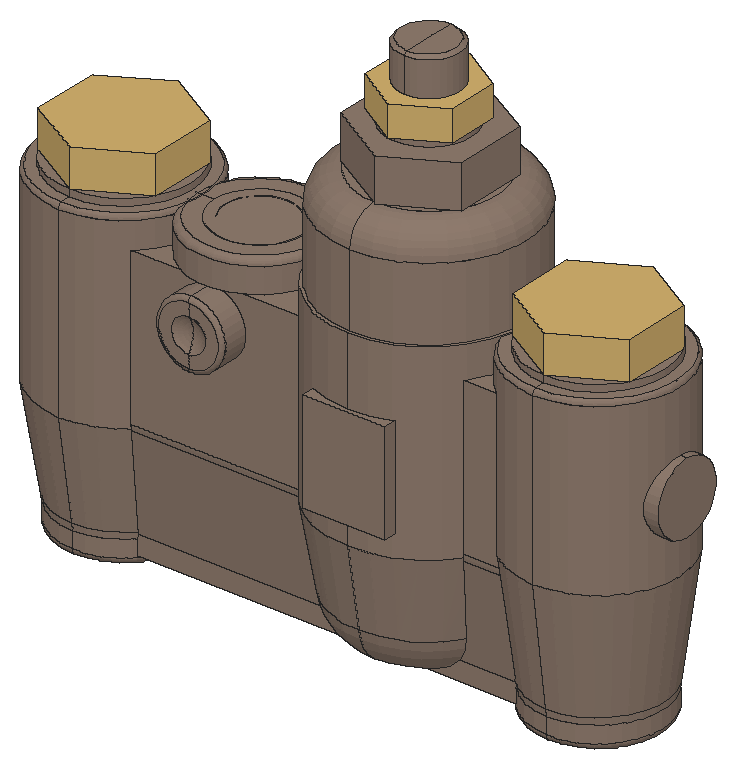
Revit family "Mixing_Valve-Emergency-Bradley_Corp-EFX25-S19-2100", category Pipe Accessories, Revit 2012
Parameters (values of type "EFX25")
  Znpt Radius = Znpt / 2  # 3/8"
  Znpt = 3/4"
  Ynpt Radius = Ynpt / 2  # 1/2"
  Ynpt = 1"
  Xnpt Radius = Xnpt / 2  # 3/8"
  Xnpt = 3/4"
  Width = G  # 3.125"
  Warranty Information = "n/a"
  Visibility Outlet [instance] = and(Valve Visibility, P Option Inlet & Outlet Shutoffs)  # no
  Visibility Inlet [instance] = and(Valve Visibility, P Option Inlet & Outlet Shutoffs)  # no
  Version = "2.0"
  Valve Visibility [instance] = or(not(Cabinet Visibility), or(not(Door Visibility), and(Cabinet Visibility, Plexiglass Window Visibility)))  # yes
  Valve Material = Metal - Bradley Corp - Bronze
  URL = "http://www.bradleycorp.com/"
  Tempered Water Flow [instance] = 0 GPM
  Temperature Range = "Std. 65˚ (18˚C) to 95˚F (35˚C)"
  Temperature Notes = "\"Refer to Bradley Technical Data for other temperature ranges\""
  Technical Data = "n/a"
  Stainless Steel Cabinet Door [instance] = and(Door Visibility, and(Cabinet Visibility, not(Plexiglass Window in Door)))  # no
  Specifications URL = "http://www.bradleycorp.com/3partspec"
  Shutoffs Top to Bottom = 20.000"
  Set Point Notes = "\"Refer to Bradley Technical Data for other set points\""
  Set Point = "85˚F (29˚C)"
  Return Flow [instance] = 0 GPM
  Recessed Cabinet [instance] = no
  Product Tech Data URL - Spanish = ""
  Product Tech Data URL - French = ""
  Product Tech Data URL - English = "http://bradleycorp.com/download/979/5900.pdf"
  Pressure Drop [instance] = 45.00 psi
  Plexiglass Window in Door [instance] = no
  Plexiglass Window Visibility [instance] = and(Door Visibility, and(Cabinet Visibility, Plexiglass Window in Door))  # no
  Percentage of Recycled Content = 0
  P Option Inlet & Outlet Shutoffs [instance] = no
  Outlet Length [instance] = if(P Option Inlet & Outlet Shutoffs, 9.937", if(N Option Outlet Shutoff Only, 6.250", 1.000"))  # 1.000"
  Origin Placement [instance] = if(Recessed Cabinet, Cabinet Depth - 0.125", 0.000")  # 0.000"
  OmniClass Title = "Mixing Valves for Liquid Services"
  OmniClass Code = "23.65.55.14.24"
  Nut Material = Metal - Bradley Corp - Light Bronze
  N Option Outlet Shutoff Only [instance] = no
  Modeling Code = ""
  Model = "S19-2100"
  Minimum Flow = 2 GPM
  Maximum Operating Pressure = 125.00 psi
  Maximum Inlet Temperature = "180˚F (82˚C)"
  Material Note = "n/a"
  Material = "Brass"
  MasterFormat Title = "Emergency Fixture Water-Tempering Equipment"
  MasterFormat Number = "22 45 36"
  Manufacturer = "Bradley Corporation"
  Length = H  # 9.250"
  LEED Credit = ""
  Inlet Length [instance] = if(P Option Inlet & Outlet Shutoffs, 7.313", if(N Option Outlet Shutoff Only, 3.875", 1.000"))  # 1.000"
  Industry Standards = "ANSI Z358.1-2004"
  Height = E  # 8.000"
  H = 9.250"
  G = 3.125"
  Flow Capacity [instance] = 44 GPM
  Flange Width = (Cabinet Flange Height - Cabinet Height) / 2  # 1.000"
  Fire Rating = "n/a"
  Finish [instance] = if(Chrome Plated, "Chrome Plated", "")  # ""
  F = 14.000"
  E = 8.000"
  Door Flange Depth = 0.125"
  Door Visibility [instance] = yes
  Domestic Hot In [instance] = Tempered Water Flow / 2  # 0 GPM
  Domestic Cold In [instance] = Tempered Water Flow / 2  # 0 GPM
  Dial Thermometer Visibility [instance] = and(Dial Thermometer, Valve Visibility)  # no
  Dial Thermometer [instance] = no
  Description = "Emergency Fixture Thermostatic Mixing Valve (EFX25) with Optional Cabinet"
  D = 4.750"
  Copyright = "This Model Data is Property of Bradley Corporation"
  Chrome Plated [instance] = no
  Outlet Center to Piston = 2.500"
  Outlet Center to Cabinet Back = 2.250"
  Left Inlet Center to Left of Box = 7.625"
  Center Inlets to Edge = (H - A - 0.375") / 2  # 0.9375"
  Cabinet Window Material = Plastic - Bradley Corp - Plexi-glass
  Cabinet Width = 24.000"
  Cabinet Visibility [instance] = or(Cabinet, Recessed Cabinet)  # no
  Cabinet Material = Metal - Bradley Corp - Stainless Steel
  Cabinet Height = 24.000"
  Cabinet Flange Width = 26.000"
  Cabinet Flange Height = 26.000"
  Cabinet Depth = 6.500"
  Cabinet [instance] = no
  C = 3.250"
  Box Depth = Cabinet Depth - Door Flange Depth  # 6.375"
  Bottom Valve to Bottom Shutoff Inlets = 6.313"
  B = 2.000"
  Assembly Code = "D2090800"
  ADA Compliant = no
  A = 7.000"
Reference planes (in)
  plane 1 "Center (Front/Back)": y = 0
  plane 2 "Top C": z = 2.09604
  plane 3 "Center (Left/Right)": x = 0
  plane 4 "Bottom C-D": z = -1.15396
  plane 5 "Top D": z = 3.59604
  plane 6 "Left A-B": x = -4.375
  plane 7 "Right B": x = -2.375
  plane 8 "Right A": x = 2.625
  plane 9 "Left H": x = -5.3125
  plane 10 "Right H": x = 3.9375
  plane 11 "Right edge": x = 3.5625
  plane 12 "Top Nuts": z = 4.25229
  plane 13 "Top valve": z = 6.84604
  plane 14 "Front G": y = -3.8125
  plane 15 "Center G": y = -2.25
  plane 16 "Center Piston": x = 0.125
  plane 17 "Left Cabinet": x = -12
  plane 18 "Top Cabinet": z = 14.53304
  plane 19 "Right Cabinet": x = 12
  plane 20 "Bottom Cabinet": z = -9.46696
  plane 21 "Left Flange": x = -13
  plane 22 "Bottom Flange": z = -10.46696
  plane 23 "Right Flange": x = 13
  plane 24 "Top Flange": z = 15.53304
  plane 25 "Front Cabinet": y = -6.5
  plane 26 "Front Cabinet inside": y = -6.375
  plane 27 "Back G": y = -0.6875
  plane 28 "Inlet extension": z = -1.15396
  plane 29 "Outlet extension": z = 3.59604
  plane 30 "Inlet base": z = -0.15396
  plane 31 "Outlet base": z = 2.59604
  plane 32 "Dial": z = 2.59604
  plane 33 "Inlets shutoff bottom": z = -7.46696
  plane 34 "Outlet shutoff top": z = 12.53304
  plane 35 "Handle front": y = -4.2125
  plane 36 "Dial front": y = -4.0625
  plane 37 "Cabinet back": y = 0
  plane 38: z = 3.12729
  plane 39: x = -11.875
  plane 40: z = -9.34196
  plane 41: z = 14.40804
  plane 42: x = 11.875
  plane 43: y = -3.555
  plane 44: y = -0.945
  plane 45: through (-1.875, -180, 2.59604) normal (-0.7071, 0, -0.7071)
Forms (in)
  Extrusion 1, solid, material "Metal - Bradley Corp - Stainless Steel" <- "Cabinet Material", visible <- "Recessed Cabinet", detail levels fine
    sketch origin (0, -6.5, 0) x (-1, 0, 0) y (0, 0, 1)
      loop
        line (13, 15.53304) -> (-13, 15.53304) -> (-13, -10.46696) -> (13, -10.46696) -> (13, 15.53304)
      loop
        line (12, 14.53304) -> (-12, 14.53304) -> (-12, -9.46696) -> (12, -9.46696) -> (12, 14.53304)
    from 0 to 0.125 <- "Door Flange Depth"
  Extrusion 2, solid, material "Metal - Bradley Corp - Stainless Steel" <- "Cabinet Material", visible <- "Cabinet Visibility", detail levels fine
    sketch origin (0, -6.375, 0) x (-1, 0, 0) y (0, 0, 1)
      loop
        line (12, 14.53304) -> (-12, 14.53304) -> (-12, -9.46696) -> (12, -9.46696) -> (12, 14.53304)
    from 0 to 6.375 <- "Box Depth"
  Extrusion 3, void
    sketch origin (0, -6.5, 0) x (-1, 0, 0) y (0, 0, 1)
      loop
        line (11.875, 14.40804) -> (-11.875, 14.40804) -> (-11.875, -9.34196) -> (11.875, -9.34196) -> (11.875, 14.40804)
    from 0 to 6.375 <- "Box Depth"
  Extrusion 4, solid, material "Metal - Bradley Corp - Stainless Steel" <- "Cabinet Material", visible <- "Stainless Steel Cabinet Door", detail levels fine
    sketch origin (0, -6.5, 0) x (-1, 0, 0) y (0, 0, 1)
      loop
        line (12, 14.53304) -> (-12, 14.53304) -> (-12, -9.46696) -> (12, -9.46696) -> (12, 14.53304)
    from 0 to 0.125 <- "Door Flange Depth"
  Extrusion 5, solid, material "Metal - Bradley Corp - Stainless Steel" <- "Cabinet Material", visible <- "Plexiglass Window Visibility", detail levels fine
    sketch origin (0, -6.5, 0) x (-1, 0, 0) y (0, 0, 1)
      loop
        line (12, 14.53304) -> (-12, 14.53304) -> (-12, -9.46696) -> (12, -9.46696) -> (12, 14.53304)
      loop
        circle (2.375, 2.59604) r 1.5
    from 0 to 0.125 <- "Door Flange Depth"
  Extrusion 6, solid, material "Plastic - Bradley Corp - Plexi-glass" <- "Cabinet Window Material", visible <- "Plexiglass Window Visibility", detail levels fine
    sketch origin (0, -6.5, 0) x (-1, 0, 0) y (0, 0, 1)
      loop
        circle (2.375, 2.59604) r 1.5
    from 0 to 0.125 <- "Door Flange Depth"
  Extrusion 7, solid, material "Metal - Bradley Corp - Bronze" <- "Valve Material", visible <- "Valve Visibility", detail levels fine
    sketch origin (-4.375, 0, 0) x (0, 0, 1) y (0, -1, 0)
      loop
        arc (0.82913, 3.1375) -> (0.78155, 3.13491) -> (0.73455, 3.12715) r 0.4375
        line (0.73455, 3.12715) -> (-0.76839, 2.8875) -> (-1.0522, 2.8875) -> (-1.0522, 1.6125) -> (-0.76839, 1.6125) -> (0.73455, 1.36904)
        arc (0.73455, 1.36904) -> (0.78172, 1.36414) -> (0.82913, 1.3625) r 0.6875
        line (0.82913, 1.3625) -> (3.12729, 1.3625) -> (3.12729, 3.1375) -> (0.82913, 3.1375)
    from 0 to 7 <- "A"
  Revolve 8, solid, material "Metal - Bradley Corp - Bronze" <- "Valve Material", visible <- "Valve Visibility", detail levels fine
    sketch origin (-4.375, 0, 0) x (0, 0, 1) y (0, -1, 0)
      loop
        arc (3.51604, 1.05) -> (3.56076, 1.06056) -> (3.59604, 1.09) r 0.1
        line (3.59604, 1.09) -> (3.59604, 1.25) -> (3.69604, 1.25) -> (3.69604, 2.25) -> (-1.06345, 2.25) -> (-1.06345, 1.6875) -> (-1.18396, 1.6875) -> (-1.18396, 1.4)
        arc (-1.18396, 1.4) -> (-1.15467, 1.32929) -> (-1.08396, 1.3) r 0.1
        line (-1.08396, 1.3) -> (-0.83579, 1.3)
        arc (-0.83579, 1.3) -> (-0.78393, 1.2973) -> (-0.73262, 1.28924) r 0.5
        line (-0.73262, 1.28924) -> (0.76604, 1.05) -> (3.51604, 1.05)
      axis (3.69604, 2.25) -> (-1.18396, 2.25)
    angle from 0 to 360
  Revolve 9, solid, material "Metal - Bradley Corp - Bronze" <- "Valve Material", visible <- "Valve Visibility", detail levels fine
    sketch origin (2.625, 0, 0) x (0, 0, 1) y (0, -1, 0)
      loop
        arc (3.51604, 1.05) -> (3.56076, 1.06056) -> (3.59604, 1.09) r 0.1
        line (3.59604, 1.09) -> (3.59604, 1.25) -> (3.69604, 1.25) -> (3.69604, 2.25) -> (-1.06345, 2.25) -> (-1.06345, 1.6875) -> (-1.18396, 1.6875) -> (-1.18396, 1.4)
        arc (-1.18396, 1.4) -> (-1.15467, 1.32929) -> (-1.08396, 1.3) r 0.1
        line (-1.08396, 1.3) -> (-0.83579, 1.3)
        arc (-0.83579, 1.3) -> (-0.78393, 1.2973) -> (-0.73262, 1.28924) r 0.5
        line (-0.73262, 1.28924) -> (1.01604, 1.05) -> (3.51604, 1.05)
      axis (3.69604, 2.25) -> (-1.18396, 2.25)
    angle from 0 to 360
  Revolve 10, solid, material "Metal - Bradley Corp - Bronze" <- "Valve Material", visible <- "Valve Visibility", detail levels fine
    sketch origin (0.125, 0, 0) x (0, 0, 1) y (0, -1, 0)
      loop
        line (3.59604, 0.8) -> (4.67039, 0.8)
        arc (4.67039, 0.8) -> (4.98217, 0.92914) -> (5.11131, 1.24092) r 0.44092
        line (5.11131, 1.24092) -> (5.11131, 1.8) -> (5.74565, 1.8) -> (5.74565, 1.625) -> (5.84565, 1.625) -> (5.84565, 1.8) -> (6.79565, 1.8) -> (6.84604, 1.85039) -> (6.84604, 2.25) -> (5.74565, 2.25) -> (-1.0522, 2.25) -> (-1.0522, 1.53944)
        arc (-1.0522, 1.53944) -> (-0.82989, 1.14546) -> (-0.42145, 0.95099) r 0.75
        line (-0.42145, 0.95099) -> (0.77565, 0.75) -> (3.59604, 0.75) -> (3.59604, 0.8)
      axis (6.84604, 2.25) -> (-1.0522, 2.25)
    angle from 0 to 360
  Extrusion 11, solid, material "Metal - Bradley Corp - Bronze" <- "Valve Material", visible <- "Valve Visibility", detail levels fine
    sketch origin (0, -3.8125, 0) x (-1, 0, 0) y (0, 0, 1)
      loop
        line (0.47873, 2.59604) -> (-0.72873, 2.59604) -> (-0.72873, 1.09604) -> (0.47873, 1.09604) -> (0.47873, 2.59604)
    from 0 to 3.125 <- "G"
  Revolve 12, solid, material "Metal - Bradley Corp - Bronze" <- "Valve Material", visible <- "Valve Visibility", detail levels fine
    sketch origin (-2.375, 0, 0) x (0, 0, 1) y (0, -1, 0)
      loop
        arc (2.15628, 3.555) -> (2.11369, 3.53735) -> (2.09604, 3.49475) r 0.06024
        line (2.09604, 3.49475) -> (2.09604, 1.00525)
        arc (2.09604, 1.00525) -> (2.11369, 0.96265) -> (2.15628, 0.945) r 0.06024
        line (2.15628, 0.945) -> (2.34604, 0.945)
        arc (2.34604, 0.945) -> (2.46433, 1.00691) -> (2.59604, 1.02873) r 0.42164
        line (2.59604, 1.02873) -> (2.59604, 3.47127)
        arc (2.59604, 3.47127) -> (2.46433, 3.49309) -> (2.34604, 3.555) r 0.42164
        line (2.34604, 3.555) -> (2.15628, 3.555)
      axis (2.59604, 3.555) -> (2.59604, 0.945)
    angle from 0 to 360
  Extrusion 13, solid, material "Metal - Bradley Corp - Light Bronze" <- "Nut Material", visible <- "Valve Visibility", detail levels fine
    sketch origin (0, 0, 4.25229) x (-1, 0, 0) y (0, -1, 0)
      loop
        line (3.50897, 1.75) -> (4.375, 1.25) -> (5.24103, 1.75) -> (5.24103, 2.75) -> (4.375, 3.25) -> (3.50897, 2.75) -> (3.50897, 1.75)
      loop
        line (-3.49103, 1.75) -> (-2.625, 1.25) -> (-1.75897, 1.75) -> (-1.75897, 2.75) -> (-2.625, 3.25) -> (-3.49103, 2.75) -> (-3.49103, 1.75)
    from 0 to -0.55625
  Revolve 14, solid, material "Metal - Bradley Corp - Bronze" <- "Valve Material", visible <- "Valve Visibility", detail levels fine
    sketch origin (0, -2.25, 0) x (-1, 0, 0) y (0, 0, 1)
      loop
        line (3.375, 3.12729) -> (3.375, 3.49987)
        arc (3.375, 3.49987) -> (3.34683, 3.56787) -> (3.27883, 3.59604) r 0.09617
        line (3.27883, 3.59604) -> (2.875, 3.59604) -> (2.875, 3.44882) -> (2.375, 3.44882) -> (2.375, 3.12729) -> (3.375, 3.12729)
      axis (2.375, 3.59604) -> (2.375, 3.12729)
    angle from 0 to 360
  Extrusion 15, solid, material "Plastic - Bradley Corp - White", visible <- "Dial Thermometer Visibility", detail levels fine
    sketch origin (0, -4.0625, 0) x (0, 0, 1) y (-1, 0, 0)
      loop
        circle (2.59604, 2.375) r 1.5
    from 0 to -0.25
  Extrusion 16, solid, material "Plastic - Bradley Corp - Black", visible <- "Dial Thermometer Visibility", detail levels fine
    sketch origin (0, -4.0625, 0) x (0, 0, 1) y (-1, 0, 0)
      loop
        arc (2.67153, 2.30942) -> (3.01495, 2.46775) -> (3.35475, 2.63371) r 16.9554
        arc (3.35475, 2.63371) -> (2.93937, 2.55665) -> (2.53046, 2.45049) r 5.98833
        arc (2.53046, 2.45049) -> (2.52533, 2.30429) -> (2.67153, 2.30942) r 0.1
    from 0 to 0.125
  Extrusion 17, solid, material "Metal - Bradley Corp - Light Bronze" <- "Nut Material", visible <- "Valve Visibility", detail levels fine
    sketch origin (0.125, -2.25, 5.84565) x (0, 1, 0) y (-1, 0, 0)
      loop
        line (0.375, -0.64952) -> (0.75, 0) -> (0.375, 0.64952) -> (-0.375, 0.64952) -> (-0.75, 0) -> (-0.375, -0.64952) -> (0.375, -0.64952)
    from 0 to 0.44802
  Extrusion 18, solid, material "Metal - Bradley Corp - Bronze" <- "Valve Material", visible <- "Valve Visibility", detail levels fine
    sketch origin (3.9375, 0, 0) x (0, 0, 1) y (0, -1, 0)
      loop
        circle (2.09604, 2.25) r 0.525
    from 0 to -0.84747
  Extrusion 19, solid, material "Metal - Bradley Corp - Bronze" <- "Valve Material", visible <- "Valve Visibility", detail levels fine
    sketch origin (0, 0, 2.59604) x (-1, 0, 0) y (0, -1, 0)
      loop
        circle (2.375, 2.25) r 0.6575
    from 0 to 1
  Extrusion 20, solid, material "Metal - Bradley Corp - Bronze" <- "Valve Material", visible <- "Valve Visibility", detail levels fine
    sketch origin (0, 0, -0.15396) x (-1, 0, 0) y (0, -1, 0)
      loop
        circle (4.375, 2.25) r 0.525
      loop
        circle (-2.625, 2.25) r 0.525
    from 0 to -1
  Extrusion 21, solid, material "Metal - Bradley Corp - Bronze", visible <- "Valve Visibility", detail levels fine
    sketch origin (0.125, -2.25, 5.11131) x (0, 1, 0) y (-1, 0, 0)
      loop
        line (1.0561, 0) -> (0.52805, 0.91461) -> (-0.48933, 0.91461) -> (-1.03674, -0.03353) -> (-0.52805, -0.91461) -> (0.52805, -0.91461) -> (1.0561, 0)
    from 0 to 0.63434
Cuts and joins
  Extrusion 3 cuts Extrusion 1
  Extrusion 3 cuts Extrusion 2
  joined: Extrusion 7, Revolve 10
  joined: Revolve 14, Extrusion 18
Lines and regions (in)
  Masking region 1, detail levels fine
    outline origin (0, 0, -0.15396) x (-1, 0, 0) y (0, -1, 0)
      loop
        line (3.875, 4.0625) -> (2.63371, 4.0625) -> (2.63371, 4.1875) -> (2.275, 4.1875) -> (2.275, 4.0625) -> (0.875, 4.0625) -> (0.875, 3.8125) -> (3.875, 3.8125) -> (3.875, 4.0625)
  Masking region 2, detail levels fine
    outline origin (0, 0, -0.15396) x (-1, 0, 0) y (0, -1, 0)
      loop
        line (-3.9375, 2.775) -> (-3.9375, 1.725) -> (-3.70406, 1.725)
        arc (-3.70406, 1.725) -> (-3.2614, 1.23265) -> (-2.625, 1.05) r 1.2
        arc (-2.625, 1.05) -> (-2.19199, 1.13085) -> (-1.81732, 1.3625) r 1.2
        line (-1.81732, 1.3625) -> (-1.33427, 1.3625)
        arc (-1.33427, 1.3625) -> (-1.06346, 1.07983) -> (-0.72873, 0.87686) r 1.5
        line (-0.72873, 0.87686) -> (-0.72873, 0.6875) -> (0.47873, 0.6875) -> (0.47873, 0.87686)
        arc (0.47873, 0.87686) -> (0.81346, 1.07983) -> (1.08427, 1.3625) r 1.5
        line (1.08427, 1.3625) -> (1.875, 1.3625) -> (1.875, 1.00485)
        arc (1.875, 1.00485) -> (1.89253, 0.96253) -> (1.93485, 0.945) r 0.05985
        line (1.93485, 0.945) -> (2.81515, 0.945)
        arc (2.81515, 0.945) -> (2.85747, 0.96253) -> (2.875, 1.00485) r 0.05985
        line (2.875, 1.00485) -> (2.875, 1.3625) -> (3.56732, 1.3625)
        arc (3.56732, 1.3625) -> (5.461, 1.7395) -> (4.54305, 3.43818) r 1.2
        line (4.54305, 3.43818) -> (4.54305, 3.5) -> (4.875, 3.5) -> (4.875, 3.58429) -> (4.54305, 3.58429) -> (4.54305, 3.75) -> (4.20695, 3.75) -> (4.20695, 3.58429) -> (3.875, 3.58429) -> (3.875, 3.5) -> (4.20695, 3.5) -> (4.20695, 3.43818)
        arc (4.20695, 3.43818) -> (3.8645, 3.336) -> (3.56732, 3.1375) r 1.2
        line (3.56732, 3.1375) -> (2.875, 3.1375) -> (2.875, 3.58429) -> (2.54305, 3.58429) -> (2.54305, 3.75) -> (2.20695, 3.75) -> (2.20695, 3.58429) -> (1.875, 3.58429) -> (1.875, 3.1375) -> (1.08427, 3.1375)
        arc (1.08427, 3.1375) -> (0.81346, 3.42017) -> (0.47873, 3.62314) r 1.5
        line (0.47873, 3.62314) -> (0.47873, 3.8125) -> (-0.72873, 3.8125) -> (-0.72873, 3.62314)
        arc (-0.72873, 3.62314) -> (-1.06346, 3.42017) -> (-1.33427, 3.1375) r 1.5
        line (-1.33427, 3.1375) -> (-1.81732, 3.1375)
        arc (-1.81732, 3.1375) -> (-2.1145, 3.336) -> (-2.45695, 3.43818) r 1.2
        line (-2.45695, 3.43818) -> (-2.45695, 3.5) -> (-2.125, 3.5) -> (-2.125, 3.58429) -> (-2.45695, 3.58429) -> (-2.45695, 3.75) -> (-2.79305, 3.75) -> (-2.79305, 3.58429) -> (-3.125, 3.58429) -> (-3.125, 3.5) -> (-2.79305, 3.5) -> (-2.79305, 3.43818)
        arc (-2.79305, 3.43818) -> (-3.33124, 3.22017) -> (-3.70406, 2.775) r 1.2
        line (-3.70406, 2.775) -> (-3.9375, 2.775)
  Masking region 3, detail levels fine
    outline origin (0, -4.0625, 0) x (0, 0, 1) y (-1, 0, 0)
      loop
        line (6.84604, -0.52461) -> (6.84604, 0.27461) -> (6.79565, 0.325) -> (6.29368, 0.325) -> (6.29368, 0.52452) -> (5.74565, 0.52452) -> (5.74565, 0.78961) -> (5.11131, 0.78961) -> (5.11131, 0.89869)
        arc (5.11131, 0.89869) -> (4.9767, 1.20104) -> (4.66983, 1.32503) r 0.44175
        line (4.66983, 1.32503) -> (3.66605, 1.32503)
        arc (3.66605, 1.32503) -> (4.09602, 2.3539) -> (3.69604, 3.3948) r 1.4981
        line (3.69604, 3.3948) -> (3.69604, 3.50897) -> (4.25229, 3.50897) -> (4.25229, 5.24103) -> (3.69604, 5.24103) -> (3.69604, 5.375) -> (3.59604, 5.375) -> (3.59604, 5.53456)
        arc (3.59604, 5.53456) -> (3.56112, 5.56438) -> (3.51647, 5.5751) r 0.09835
        line (3.51647, 5.5751) -> (0.76647, 5.5751) -> (-0.73262, 5.33576) -> (-0.79169, 5.32695) -> (-0.83047, 5.32519) -> (-1.08375, 5.32519)
        arc (-1.08375, 5.32519) -> (-1.15459, 5.29584) -> (-1.18394, 5.225) r 0.10019
        line (-1.18394, 5.225) -> (-1.18394, 3.53308)
        arc (-1.18394, 3.53308) -> (-1.15783, 3.45723) -> (-1.08435, 3.42502) r 0.09992
        line (-1.08435, 3.42502) -> (-1.0522, 3.42502) -> (-1.0522, -1.67518)
        arc (-1.0522, -1.67518) -> (-1.14286, -1.69198) -> (-1.18399, -1.77449) r 0.10331
        line (-1.18399, -1.77449) -> (-1.18399, -3.46311)
        arc (-1.18399, -3.46311) -> (-1.15846, -3.54168) -> (-1.08299, -3.57528) r 0.10156
        line (-1.08299, -3.57528) -> (-0.81994, -3.57528) -> (-0.7761, -3.57887) -> (-0.73262, -3.58576) -> (1.01645, -3.82497) -> (1.57104, -3.82497) -> (1.57104, -3.9375) -> (2.62104, -3.9375) -> (2.62104, -3.82446) -> (3.52182, -3.82446)
        arc (3.52182, -3.82446) -> (3.56316, -3.81268) -> (3.59604, -3.785) r 0.10261
        line (3.59604, -3.785) -> (3.59604, -3.625) -> (3.69604, -3.625) -> (3.69604, -3.49103) -> (4.25229, -3.49103) -> (4.25229, -1.75897) -> (3.69604, -1.75897) -> (3.69604, -1.625) -> (3.59604, -1.625) -> (3.59604, -1.575) -> (4.67523, -1.575)
        arc (4.67523, -1.575) -> (4.98359, -1.44728) -> (5.11131, -1.13892) r 0.43608
        line (5.11131, -1.13892) -> (5.11131, -1.03961) -> (5.74565, -1.03961) -> (5.74565, -0.77452) -> (6.29368, -0.77452) -> (6.29368, -0.575) -> (6.79565, -0.575) -> (6.84604, -0.52461)
  Masking region 4, detail levels fine
    outline origin (3.9375, 0, 0) x (0, 0, 1) y (0, -1, 0)
      loop
        line (6.84604, 1.85039) -> (6.84604, 2.64961) -> (6.79565, 2.7) -> (6.29368, 2.7) -> (6.29368, 3) -> (5.84565, 3) -> (5.84565, 2.875) -> (5.74565, 2.875) -> (5.74565, 3.28674) -> (5.11131, 3.28674)
        arc (5.11131, 3.28674) -> (4.97738, 3.58012) -> (4.67797, 3.7) r 0.43383
        line (4.67797, 3.7) -> (3.59604, 3.7) -> (3.59604, 3.75) -> (2.59604, 3.75) -> (2.59604, 3.8125) -> (4.09604, 3.8125) -> (4.09604, 4.0625) -> (3.35475, 4.0625) -> (3.35475, 4.1875) -> (2.49604, 4.1875) -> (2.49604, 4.0625) -> (1.09604, 4.0625) -> (1.09604, 3.75025) -> (0.77543, 3.75025) -> (-0.42145, 3.54901)
        arc (-0.42145, 3.54901) -> (-0.72524, 3.43033) -> (-0.95615, 3.2) r 0.7978
        line (-0.95615, 3.2) -> (-1.08533, 3.2)
        arc (-1.08533, 3.2) -> (-1.15507, 3.17111) -> (-1.18396, 3.10137) r 0.09863
        line (-1.18396, 3.10137) -> (-1.18396, 1.39965)
        arc (-1.18396, 1.39965) -> (-1.15477, 1.3292) -> (-1.08432, 1.30001) r 0.09964
        line (-1.08432, 1.30001) -> (-0.95619, 1.30001)
        arc (-0.95619, 1.30001) -> (-0.72903, 1.0639) -> (-0.42145, 0.95099) r 0.72969
        line (-0.42145, 0.95099) -> (0.77565, 0.75007) -> (1.09604, 0.75007) -> (1.09604, 0.6875) -> (2.59604, 0.6875) -> (2.59604, 0.74995) -> (3.59604, 0.74995) -> (3.59604, 0.8) -> (4.69056, 0.8)
        arc (4.69056, 0.8) -> (4.97874, 0.91384) -> (5.11131, 1.1939) r 0.42167
        line (5.11131, 1.1939) -> (5.74565, 1.1939) -> (5.74565, 1.625) -> (5.84565, 1.625) -> (5.84565, 1.5) -> (6.29368, 1.5) -> (6.29368, 1.8) -> (6.79565, 1.8) -> (6.84604, 1.85039)
  model lines, detail levels coarse+medium
    curve 1: line (-2.375, -2.25, 1.34635) -> (-2.375, -2.25, 2.72453)
    curve 2: line (-2.5892, -2.25, 2.72453) -> (-2.1608, -2.25, 2.72453)
    curve 3: line (-3.3032, -2.25, 2.52444) -> (-3.3032, -2.25, 1.66764)
    curve 4: line (-1.4468, -2.25, 2.52444) -> (-1.4468, -2.25, 1.66764)
    curve 5: line (-3.3032, -2.25, 2.52444) -> (-1.4468, -2.25, 1.66764)
    curve 6: line (-1.4468, -2.25, 2.52444) -> (-3.3032, -2.25, 1.66764)
    curve 7: arc (-3.3032, -2.25, 1.34635) -> (-2.375, -2.25, 0.84655) -> (-1.4468, -2.25, 1.34635) r 1.11179
    curve 8: line (-3.3032, -2.25, 1.34635) -> (-1.4468, -2.25, 1.34635)
    curve 9: line (-3.3032, -2.25, 2.09604) -> (-4.375, -2.25, 2.09604)
    curve 10: line (-4.375, -2.25, 2.09604) -> (-4.375, -2.25, -1.15396)
    curve 11: line (-1.4468, -2.25, 2.09604) -> (2.625, -2.25, 2.09604)
    curve 12: line (2.625, -2.25, 2.09604) -> (2.625, -2.25, -1.15396)
    curve 13: line (-2.375, -2.25, 3.09553) -> (-2.375, -2.25, 3.59604)
    curve 14: line (-2.875, -2.25, 3.59604) -> (-1.875, -2.25, 3.59604)
    curve 15: line (-4.75, -2.25, -1.15396) -> (-4, -2.25, -1.15396)
    curve 16: line (2.25, -2.25, -1.15396) -> (3, -2.25, -1.15396)
    curve 17: line (2.625, -2.25, 2.09604) -> (3.9375, -2.25, 2.09604)
    curve 18: line (3.9375, -2.25, 1.72104) -> (3.9375, -2.25, 2.47104)
    curve 19: line (-2.1608, -2.25, 2.72453) -> (-2.375, -2.25, 3.09553)
    curve 20: line (-2.375, -2.25, 3.09553) -> (-2.5892, -2.25, 2.72453)
  symbolic lines, detail levels fine
    curve 21: line (2.625, -1.25, -0.15396) -> (1.75897, -1.75, -0.15396)
    curve 22: line (1.75897, -1.75, -0.15396) -> (1.75897, -2.75, -0.15396)
    curve 23: line (1.75897, -2.75, -0.15396) -> (2.625, -3.25, -0.15396)
    curve 24: line (2.625, -3.25, -0.15396) -> (3.49103, -2.75, -0.15396)
    curve 25: line (3.49103, -2.75, -0.15396) -> (3.49103, -1.75, -0.15396)
    curve 26: line (3.49103, -1.75, -0.15396) -> (2.625, -1.25, -0.15396)
    curve 27: arc (2.625, -1.25, -0.15396) -> (1.625, -2.25, -0.15396) -> (2.625, -3.25, -0.15396) r 1
    curve 28: arc (2.625, -3.25, -0.15396) -> (3.625, -2.25, -0.15396) -> (2.625, -1.25, -0.15396) r 1
    curve 29: arc (1.55588, -1.79991, -0.15396) -> (3.785, -2.25, -0.15396) -> (1.55588, -2.70009, -0.15396) r 1.16
    curve 30: line (3.125, -3.5, -0.15396) -> (2.125, -3.5, -0.15396)
    curve 31: line (2.125, -3.58429, -0.15396) -> (3.125, -3.58429, -0.15396)
    curve 32: line (0.125, -3, -0.15396) -> (0.77452, -2.625, -0.15396)
    curve 33: line (0.77452, -2.625, -0.15396) -> (0.77452, -1.875, -0.15396)
    curve 34: line (0.77452, -1.875, -0.15396) -> (0.125, -1.5, -0.15396)
    curve 35: line (0.125, -1.5, -0.15396) -> (-0.52452, -1.875, -0.15396)
    curve 36: line (-0.52452, -1.875, -0.15396) -> (-0.52452, -2.625, -0.15396)
    curve 37: line (-0.52452, -2.625, -0.15396) -> (0.125, -3, -0.15396)
    curve 38: arc (0.125, -1.85039, -0.15396) -> (0.52461, -2.25, -0.15396) -> (0.125, -2.64961, -0.15396) r 0.39961
    curve 39: arc (0.125, -2.64961, -0.15396) -> (-0.27461, -2.25, -0.15396) -> (0.125, -1.85039, -0.15396) r 0.39961
    curve 40: arc (0.125, -1.8, -0.15396) -> (-0.325, -2.25, -0.15396) -> (0.125, -2.7, -0.15396) r 0.45
    curve 41: arc (0.125, -2.7, -0.15396) -> (0.575, -2.25, -0.15396) -> (0.125, -1.8, -0.15396) r 0.45
    curve 42: line (0.15853, -3.28674, -0.15396) -> (1.03961, -2.77805, -0.15396)
    curve 43: line (1.03961, -2.77805, -0.15396) -> (1.03961, -1.72195, -0.15396)
    curve 44: line (1.03961, -1.72195, -0.15396) -> (0.125, -1.1939, -0.15396)
    curve 45: line (0.125, -1.1939, -0.15396) -> (-0.78961, -1.72195, -0.15396)
    curve 46: line (-0.78961, -1.72195, -0.15396) -> (-0.78961, -2.73933, -0.15396)
    curve 47: line (-0.78961, -2.73933, -0.15396) -> (0.15853, -3.28674, -0.15396)
    curve 48: arc (0.125, -3.7, -0.15396) -> (1.575, -2.25, -0.15396) -> (0.125, -0.8, -0.15396) r 1.45
    curve 49: arc (0.125, -0.8, -0.15396) -> (-1.325, -2.25, -0.15396) -> (0.125, -3.7, -0.15396) r 1.45
    curve 50: arc (0.125, -3.75, -0.15396) -> (1.625, -2.25, -0.15396) -> (0.125, -0.75, -0.15396) r 1.5
    curve 51: arc (0.125, -0.75, -0.15396) -> (-1.375, -2.25, -0.15396) -> (0.125, -3.75, -0.15396) r 1.5
    curve 52: line (-2.80622, -2.99689, -0.15396) -> (-1.94378, -2.99689, -0.15396)
    curve 53: line (-1.94378, -2.99689, -0.15396) -> (-1.51256, -2.25, -0.15396)
    curve 54: line (-1.51256, -2.25, -0.15396) -> (-1.94378, -1.50311, -0.15396)
    curve 55: line (-1.94378, -1.50311, -0.15396) -> (-2.80622, -1.50311, -0.15396)
    curve 56: line (-2.80622, -1.50311, -0.15396) -> (-3.23744, -2.25, -0.15396)
    curve 57: line (-3.23744, -2.25, -0.15396) -> (-2.80622, -2.99689, -0.15396)
    curve 58: arc (-1.62811, -2.68122, -0.15396) -> (-2.80622, -2.99689, -0.15396) -> (-3.12189, -1.81878, -0.15396) r 0.86244
    curve 59: arc (-3.12189, -1.81878, -0.15396) -> (-1.94378, -1.50311, -0.15396) -> (-1.62811, -2.68122, -0.15396) r 0.86244
    curve 60: arc (-3.375, -2.25, -0.15396) -> (-3.1391, -2.8951, -0.15396) -> (-2.5427, -3.23584, -0.15396) r 1
    curve 61: arc (-1.375, -2.25, -0.15396) -> (-2.375, -1.25, -0.15396) -> (-3.375, -2.25, -0.15396) r 1
    curve 62: line (-1.875, -3.5, -0.15396) -> (-2.875, -3.5, -0.15396)
    curve 63: line (-2.875, -3.58429, -0.15396) -> (-1.875, -3.58429, -0.15396)
    curve 64: line (-4.375, -3.25, -0.15396) -> (-3.50897, -2.75, -0.15396)
    curve 65: line (-3.50897, -2.75, -0.15396) -> (-3.50897, -1.75, -0.15396)
    curve 66: line (-3.50897, -1.75, -0.15396) -> (-4.375, -1.25, -0.15396)
    curve 67: line (-4.375, -1.25, -0.15396) -> (-5.24103, -1.75, -0.15396)
    curve 68: line (-5.24103, -1.75, -0.15396) -> (-5.24103, -2.75, -0.15396)
    curve 69: line (-5.24103, -2.75, -0.15396) -> (-4.375, -3.25, -0.15396)
    curve 70: arc (-4.375, -3.25, -0.15396) -> (-3.375, -2.25, -0.15396) -> (-4.375, -1.25, -0.15396) r 1
    curve 71: arc (-4.375, -1.25, -0.15396) -> (-5.375, -2.25, -0.15396) -> (-4.375, -3.25, -0.15396) r 1
    curve 72: arc (-3.2886, -2.65661, -0.15396) -> (-5.535, -2.25, -0.15396) -> (-3.2886, -1.84339, -0.15396) r 1.16
    curve 73: line (-3.875, -3.5, -0.15396) -> (-4.875, -3.5, -0.15396)
    curve 74: line (-4.875, -3.58429, -0.15396) -> (-3.875, -3.58429, -0.15396)
    curve 75: arc (-2.20688, -3.23577, -0.15396) -> (-1.61076, -2.89493, -0.15396) -> (-1.375, -2.25, -0.15396) r 1
    curve 76: line (-2.63371, -4.0625, -0.15396) -> (-2.275, -4.0625, -0.15396)
    curve 77: line (-2.5427, -3.23584, -0.15396) -> (-2.5427, -3.5, -0.15396)
    curve 78: line (-2.20688, -3.23577, -0.15396) -> (-2.20688, -3.5, -0.15396)
    curve 79: line (-0.325, -4.0625, 6.79565) -> (0.575, -4.0625, 6.79565)
    curve 80: line (-0.325, -4.0625, 6.29368) -> (0.575, -4.0625, 6.29368)
    curve 81: line (-0.52452, -4.0625, 5.84565) -> (0.77452, -4.0625, 5.84565)
    curve 82: line (-0.54792, -4.0625, 5.74565) -> (0.77452, -4.0625, 5.74565)
    curve 83: line (-0.78961, -4.0625, 5.11131) -> (1.03961, -4.0625, 5.11131)
    curve 84: line (-5.24103, -4.0625, 3.69604) -> (-3.50897, -4.0625, 3.69604)
    curve 85: line (-5.375, -4.0625, 3.59604) -> (-3.49303, -4.0625, 3.59604)
    curve 86: line (1.75897, -4.0625, 3.69604) -> (3.49103, -4.0625, 3.69604)
    curve 87: line (1.625, -4.0625, 3.59604) -> (3.625, -4.0625, 3.59604)
    curve 88: arc (-3.3948, -4.0625, 3.69604) -> (-2.36161, -4.0625, 1.0961) -> (-1.375, -4.0625, 3.71408) r 1.5
    curve 89: line (0.72873, -4.0625, 1.09604) -> (0.72873, -4.0625, 2.59604)
    curve 90: line (0.72873, -4.0625, 2.59604) -> (-0.47873, -4.0625, 2.59604)
    curve 91: line (-0.47873, -4.0625, 2.59604) -> (-0.47873, -4.0625, 1.09604)
    curve 92: line (-0.47873, -4.0625, 1.09604) -> (0.72873, -4.0625, 1.09604)
    curve 93: line (1.33427, -4.0625, 3.12729) -> (1.33427, -4.0625, 0.82913)
    curve 94: spline (1.33328, -4.0625, 0.73455) -> (1.32443, -4.0625, 0.63819) -> (1.31553, -4.0625, 0.54184) -> (1.30659, -4.0625, 0.44549) -> (1.29759, -4.0625, 0.34914) -> (1.28854, -4.0625, 0.2528) -> (1.27945, -4.0625, 0.15647) -> (1.2703, -4.0625, 0.06014) -> (1.26111, -4.0625, -0.03619) -> (1.25186, -4.0625, -0.13251) -> (1.24257, -4.0625, -0.22883) -> (1.23323, -4.0625, -0.32514) -> (1.22383, -4.0625, -0.42145)
    curve 95: spline (1.22383, -4.0625, -0.42145) -> (1.2209, -4.0625, -0.45377) -> (1.21627, -4.0625, -0.4859) -> (1.20996, -4.0625, -0.51775) -> (1.20198, -4.0625, -0.54923) -> (1.19235, -4.0625, -0.58025) -> (1.1811, -4.0625, -0.61075) -> (1.16827, -4.0625, -0.64062) -> (1.15387, -4.0625, -0.66979) -> (1.13797, -4.0625, -0.69819) -> (1.12059, -4.0625, -0.72573) -> (1.10178, -4.0625, -0.75234) -> (1.0816, -4.0625, -0.77796)
    curve 96: arc (1.0816, -4.0625, -0.77796) -> (0.78604, -4.0625, -0.97518) -> (0.43878, -4.0625, -1.05048) r 0.95346
    curve 97: line (-0.18883, -4.0625, -1.0522) -> (0.125, -4.0625, -1.0522)
    curve 98: line (0.125, -4.0625, -1.0522) -> (0.43883, -4.0625, -1.0522)
    curve 99: arc (-0.18878, -4.0625, -1.05048) -> (-0.53604, -4.0625, -0.97518) -> (-0.8316, -4.0625, -0.77796) r 0.95346
    curve 100: spline (-0.8316, -4.0625, -0.77796) -> (-0.85178, -4.0625, -0.75234) -> (-0.87059, -4.0625, -0.72573) -> (-0.88797, -4.0625, -0.69819) -> (-0.90387, -4.0625, -0.66979) -> (-0.91827, -4.0625, -0.64062) -> (-0.9311, -4.0625, -0.61075) -> (-0.94235, -4.0625, -0.58025) -> (-0.95198, -4.0625, -0.54923) -> (-0.95996, -4.0625, -0.51775) -> (-0.96627, -4.0625, -0.4859) -> (-0.9709, -4.0625, -0.45377) -> (-0.97383, -4.0625, -0.42145)
    curve 101: spline (-0.97383, -4.0625, -0.42145) -> (-0.98323, -4.0625, -0.32514) -> (-0.99257, -4.0625, -0.22883) -> (-1.00186, -4.0625, -0.13251) -> (-1.01111, -4.0625, -0.03619) -> (-1.0203, -4.0625, 0.06014) -> (-1.02945, -4.0625, 0.15647) -> (-1.03854, -4.0625, 0.2528) -> (-1.04759, -4.0625, 0.34914) -> (-1.05659, -4.0625, 0.44549) -> (-1.06553, -4.0625, 0.54184) -> (-1.07443, -4.0625, 0.63819) -> (-1.08328, -4.0625, 0.73455)
    curve 102: line (-1.08328, -4.0625, 0.73455) -> (-1.08328, -4.0625, 1.8335)
    curve 103: line (1.575, -4.0625, 3.59604) -> (-1.25697, -4.0625, 3.59604)
    curve 104: line (3.9375, -2.7, 6.79565) -> (3.9375, -1.8, 6.79565)
    curve 105: line (3.9375, -2.7, 6.29368) -> (3.9375, -1.8, 6.29368)
    curve 106: line (3.9375, -1.625, 5.84565) -> (3.9375, -2.875, 5.84565)
    curve 107: line (3.9375, -1.625, 5.74565) -> (3.9375, -2.875, 5.74565)
    curve 108: line (3.9375, -3.28674, 5.11131) -> (3.9375, -1.1939, 5.11131)
    curve 109: line (3.9375, -2.77805, 5.11131) -> (3.9375, -2.77805, 5.74565)
    curve 110: line (3.9375, -1.72195, 5.11131) -> (3.9375, -1.72195, 5.74565)
    curve 111: line (3.9375, -1.875, 5.84565) -> (3.9375, -1.875, 6.29368)
    curve 112: line (3.9375, -2.625, 5.84565) -> (3.9375, -2.625, 6.29368)
    curve 113: line (3.9375, -4.0625, 2.49604) -> (3.9375, -4.0625, 3.35475)
    curve 114: line (3.9375, -1.25, 4.25229) -> (3.9375, -3.25, 4.25229)
    curve 115: line (3.9375, -1.75, 3.69604) -> (3.9375, -1.75, 4.25229)
    curve 116: line (3.9375, -2.75, 3.69604) -> (3.9375, -2.75, 4.25229)
    curve 117: line (3.9375, -3.25, 3.59604) -> (3.9375, -3.25, 4.25229)
    curve 118: line (3.9375, -1.25, 4.25229) -> (3.9375, -1.25, 3.59604)
    curve 119: line (3.9375, -1.25, 3.69604) -> (3.9375, -3.25, 3.69604)
    curve 120: arc (3.9375, -2.25, 1.57104) -> (3.9375, -1.725, 2.09604) -> (3.9375, -2.25, 2.62104) r 0.525
    curve 121: arc (3.9375, -2.25, 2.62104) -> (3.9375, -2.775, 2.09604) -> (3.9375, -2.25, 1.57104) r 0.525
    curve 122: line (3.9375, -3.8125, 2.59604) -> (3.9375, -3.8125, 1.09604)
    curve 123: line (3.9375, -0.75, 3.59604) -> (3.9375, -3.75, 3.59604)
    curve 124: line (3.9375, -3.21076, -0.73262) -> (3.9375, -1.28924, -0.73262)
    curve 125: line (3.9375, -3.44998, 1.01604) -> (3.9375, -1.05002, 1.01604)
    curve 126: arc (3.9375, -1.09, 3.59604) -> (3.9375, -1.05993, 3.56085) -> (3.9375, -1.05002, 3.51563) r 0.09516
    curve 127: line (3.9375, -1.05002, 3.51563) -> (3.9375, -1.05002, 1.01604)
    curve 128: line (3.9375, -1.05002, 1.01604) -> (3.9375, -1.28924, -0.73262)
    curve 129: arc (3.9375, -3.41, 3.59604) -> (3.9375, -3.44007, 3.56085) -> (3.9375, -3.44998, 3.51563) r 0.09516
    curve 130: line (3.9375, -3.44998, 3.51563) -> (3.9375, -3.44998, 1.01604)
    curve 131: line (3.9375, -3.44998, 1.01604) -> (3.9375, -3.21076, -0.73262)
Dimensions and locks (in)
  "E": plane 13 "Top valve" to plane 4 "Bottom C-D"
  "D": plane 5 "Top D" to plane 4 "Bottom C-D"
  "C": plane 2 "Top C" to plane 4 "Bottom C-D"
  "H": plane 10 "Right H" to plane 9 "Left H"
  "B": plane 7 "Right B" to plane 6 "Left A-B"
  "G": plane 27 "Back G" to plane 14 "Front G"
  "Origin Placement": plane 37 "Cabinet back" to plane 1 "Center (Front/Back)"
  "Door Flange Depth": plane 26 "Front Cabinet inside" to plane 25 "Front Cabinet"
  "Outlet Center to Cabinet Back": plane 37 "Cabinet back" to plane 15 "Center G"
  "Cabinet Depth": plane 37 "Cabinet back" to plane 25 "Front Cabinet"
  plane 14 "Front G" to plane 36 "Dial front" = 0.250"
  plane 14 "Front G" to plane 35 "Handle front" = 0.400"
  locked: plane 30 "Inlet base" to plane 4 "Bottom C-D" at 1
  locked: plane 5 "Top D" to plane 31 "Outlet base" at 1
  locked: plane 32 "Dial" to plane 2 "Top C" at 0.5
  "Cabinet Width": plane 19 "Right Cabinet" to plane 17 "Left Cabinet"
  "Cabinet Flange Width": plane 23 "Right Flange" to plane 21 "Left Flange"
  equal spacing: plane 23 "Right Flange", plane 3 "Center (Left/Right)", plane 21 "Left Flange"
  equal spacing: plane 19 "Right Cabinet", plane 3 "Center (Left/Right)", plane 17 "Left Cabinet"
  "Cabinet Flange Height": plane 24 "Top Flange" to plane 22 "Bottom Flange"
  plane 33 "Inlets shutoff bottom" to plane 20 "Bottom Cabinet" = 2.000"
  "Shutoffs Top to Bottom": plane 34 "Outlet shutoff top" to plane 33 "Inlets shutoff bottom"
  "Bottom Valve to Bottom Shutoff Inlets": plane 4 "Bottom C-D" to plane 33 "Inlets shutoff bottom"
  "Flange Width": plane 20 "Bottom Cabinet" to plane 22 "Bottom Flange"
  "Flange Width": plane 24 "Top Flange" to plane 18 "Top Cabinet"
  locked: plane 12 "Top Nuts" to plane 5 "Top D" at 0.65625
  "Outlet Length": plane 29 "Outlet extension" to plane 31 "Outlet base"
  "Inlet Length": plane 30 "Inlet base" to plane 28 "Inlet extension"
  "Left Inlet Center to Left of Box": plane 6 "Left A-B" to plane 17 "Left Cabinet"
  locked: plane 10 "Right H" to plane 11 "Right edge" at 0.375
  "Center Inlets to Edge": plane 6 "Left A-B" to plane 9 "Left H"
  "Center Inlets to Edge": plane 11 "Right edge" to plane 8 "Right A"
  "Outlet Center to Piston": plane 16 "Center Piston" to plane 7 "Right B"
  equal spacing: plane 27 "Back G", plane 15 "Center G", plane 14 "Front G"
  locked: plane 5 "Top D" to plane 38 at 0.46875
  "Door Flange Depth": plane 39 to plane 17 "Left Cabinet"
  "Door Flange Depth": plane 18 "Top Cabinet" to plane 41
  "Door Flange Depth": plane 40 to plane 20 "Bottom Cabinet"
  "Door Flange Depth": plane 19 "Right Cabinet" to plane 42
  Extrusion 7 sketch curve to plane 4 "Bottom C-D" = 0.10175"
  Extrusion 7 sketch curve to plane 14 "Front G" = 0.675"
  Extrusion 7 sketch curve to plane 27 "Back G" = 0.675"
  Revolve 8 sketch curve to Revolve 8 sketch curve = 0.200"
  Revolve 8 sketch curve to Revolve 8 sketch curve = 0.100"
  Revolve 8 sketch curve to Revolve 8 sketch curve = 1.000"
  Revolve 8 sketch curve to Revolve 8 sketch curve to Revolve 8 sketch curve = 0.5625", 0.3875"
  Revolve 8 sketch curve to plane 4 "Bottom C-D" = 0.030"
  Revolve 8 sketch curve to Revolve 8 sketch curve = 0.250"
  Revolve 9 sketch curve to Revolve 9 sketch curve = 0.200"
  Revolve 9 sketch curve to Revolve 9 sketch curve = 0.100"
  Revolve 9 sketch curve to Revolve 9 sketch curve = 1.000"
  Revolve 9 sketch curve to Revolve 9 sketch curve to Revolve 9 sketch curve = 0.5625", 0.3875"
  Revolve 9 sketch curve to plane 4 "Bottom C-D" = 0.030"
  Revolve 9 sketch curve to Revolve 9 sketch curve = 0.250"
  Extrusion 7 sketch curve to Extrusion 7 sketch curve = 0.250"  (x2)
  Revolve 10 sketch curve to Revolve 10 sketch curve = 0.78944"
  Revolve 10 sketch curve to Revolve 10 sketch curve = 0.050"
  Revolve 10 sketch curve to Revolve 10 sketch curve = 1.51527"
  Revolve 10 sketch curve to Revolve 10 sketch curve to Revolve 10 sketch curve = 0.450", 0.175"
  Revolve 10 sketch curve to Revolve 10 sketch curve = 0.100"
  Revolve 10 sketch curve to plane 4 "Bottom C-D" = 0.10175"
  equal spacing: Extrusion 11 sketch curve, plane 16 "Center Piston", Extrusion 11 sketch curve
  plane 4 "Bottom C-D" to Extrusion 11 sketch curve = 2.250"
  equal spacing: plane 44, plane 15 "Center G", plane 43
  locked: plane 43 to plane 14 "Front G" at 0.2575
  plane 6 "Left A-B" to Extrusion 13 sketch curve = 0.86603"  (x2)
  plane 8 "Right A" to Extrusion 13 sketch curve = 0.86603"  (x2)
  plane 7 "Right B" to Revolve 14 sketch curve = 1.000"
  "Ynpt Radius": Revolve 14 sketch curve to Revolve 14 sketch curve
  Extrusion 13 sketch curve to Extrusion 13 sketch curve = 1.73205"  (x5)
  Extrusion 17 sketch curve to Extrusion 17 sketch curve = 1.29904"  (x3)
  equal spacing: curve 5, curve 9, curve 6
  "Ynpt": curve 14 to curve 14
  curve 15 to curve 15 = 0.750"
  "Xnpt": curve 15 to curve 15
  curve 16 to curve 16 = 0.750"
  "Xnpt": curve 16 to curve 16
  curve 14 to curve 14 = 1.000"
  curve 5 to curve 6 = 0.8568"
  locked: curve 5 to curve 6 at 0.8568
  curve 6 to curve 5 = 0.8568"
  locked: curve 6 to curve 5 at 0.8568
  aligned and locked: plane 21 "Left Flange" to Extrusion 1 sketch curve
  aligned and locked: Extrusion 1 sketch curve to plane 24 "Top Flange"
  aligned and locked: plane 22 "Bottom Flange" to Extrusion 1 sketch curve
  aligned and locked: Extrusion 1 sketch curve to plane 23 "Right Flange"
  aligned and locked: plane 17 "Left Cabinet" to Extrusion 1 sketch curve
  aligned and locked: plane 18 "Top Cabinet" to Extrusion 1 sketch curve
  aligned and locked: plane 20 "Bottom Cabinet" to Extrusion 1 sketch curve
  aligned and locked: plane 19 "Right Cabinet" to Extrusion 1 sketch curve
  aligned and locked: plane 20 "Bottom Cabinet" to Extrusion 2 sketch curve
  aligned and locked: plane 19 "Right Cabinet" to Extrusion 2 sketch curve
  aligned and locked: Extrusion 2 sketch curve to plane 18 "Top Cabinet"
  aligned and locked: plane 17 "Left Cabinet" to Extrusion 2 sketch curve
  aligned and locked: plane 39 to Extrusion 3 sketch curve
  aligned and locked: plane 41 to Extrusion 3 sketch curve
  aligned and locked: plane 40 to Extrusion 3 sketch curve
  aligned and locked: plane 42 to Extrusion 3 sketch curve
  aligned and locked: plane 17 "Left Cabinet" to Extrusion 4 sketch curve
  aligned and locked: Extrusion 4 sketch curve to plane 18 "Top Cabinet"
  aligned and locked: Extrusion 4 sketch curve to plane 19 "Right Cabinet"
  aligned and locked: Extrusion 4 sketch curve to plane 20 "Bottom Cabinet"
  aligned and locked: plane 17 "Left Cabinet" to Extrusion 5 sketch curve
  aligned and locked: Extrusion 5 sketch curve to plane 18 "Top Cabinet"
  aligned and locked: Extrusion 5 sketch curve to plane 19 "Right Cabinet"
  aligned and locked: Extrusion 5 sketch curve to plane 20 "Bottom Cabinet"
  aligned and locked: plane 38 to Extrusion 7 sketch curve
  aligned and locked: Revolve 8 sketch curve to plane 15 "Center G"
  aligned and locked: plane 15 "Center G" to Revolve 9 sketch curve
  aligned and locked: plane 15 "Center G" to Revolve 10 sketch curve
  aligned and locked: Revolve 10 sketch curve to plane 13 "Top valve"
  aligned and locked: Revolve 10 sketch curve to plane 5 "Top D"
  aligned and locked: Extrusion 11 sketch curve to plane 31 "Outlet base"
  aligned and locked: Extrusion 13 to Revolve 8
  aligned and locked: Revolve 14 sketch curve to plane 5 "Top D"
  aligned and locked: plane 14 "Front G" to Extrusion 15
  aligned and locked: plane 15 "Center G" to Extrusion 18 sketch curve
  aligned and locked: plane 2 "Top C" to Extrusion 18 sketch curve
  aligned and locked: plane 3 "Center (Left/Right)" to nested 1
  aligned and locked: nested 1 to plane 15 "Center G"
  aligned and locked: nested 2 to plane 7 "Right B"
  aligned and locked: plane 34 "Outlet shutoff top" to nested 2
  aligned and locked: nested 2 to plane 15 "Center G"
  aligned and locked: nested 4 to plane 33 "Inlets shutoff bottom"
  aligned and locked: nested 3 to plane 33 "Inlets shutoff bottom"
  aligned and locked: nested 4 to plane 6 "Left A-B"
  aligned and locked: nested 3 to plane 8 "Right A"
  aligned and locked: nested 4 to plane 15 "Center G"
  aligned and locked: nested 3 to plane 15 "Center G"
  aligned and locked: plane 29 "Outlet extension" to Extrusion 19
  aligned and locked: Extrusion 20 to plane 28 "Inlet extension"
  aligned and locked: Masking region 1 sketch curve to Extrusion 15
  aligned and locked: Masking region 1 sketch curve to Extrusion 16
  aligned and locked: Masking region 1 sketch curve to curve 73
  aligned and locked: Masking region 2 sketch curve to cut or joined group of Revolve 14, Extrusion 18
  aligned and locked: Masking region 2 sketch curve to Revolve 9
  aligned and locked: Masking region 2 sketch curve to Extrusion 11  (x4)
  aligned and locked: Masking region 2 sketch curve to nested 3  (x4)
  aligned and locked: cut or joined group of Extrusion 7, Revolve 10 to Masking region 2 sketch curve
  aligned and locked: Masking region 2 sketch curve to nested 2  (x4)
  aligned and locked: Masking region 2 sketch curve to nested 4  (x5)
  aligned and locked: Masking region 2 sketch curve to plane 44
  aligned and locked: Masking region 3 sketch curve to cut or joined group of Extrusion 7, Revolve 10
  aligned and locked: Masking region 3 sketch curve to Extrusion 17  (x3)
  aligned and locked: Masking region 3 sketch curve to Extrusion 21  (x3)
  aligned and locked: Masking region 3 sketch curve to Extrusion 13  (x2)
  aligned and locked: Masking region 3 sketch curve to Revolve 9  (x2)
  aligned and locked: Masking region 3 sketch curve to cut or joined group of Revolve 14, Extrusion 18
  aligned and locked: Masking region 4 sketch curve to cut or joined group of Extrusion 7, Revolve 10  (x2)
  aligned and locked: Masking region 4 sketch curve to Extrusion 17  (x3)
  aligned and locked: Masking region 4 sketch curve to Masking region 4 sketch curve
  aligned and locked: Masking region 4 sketch curve to Extrusion 21
  aligned and locked: Masking region 4 sketch curve to Extrusion 11
  aligned and locked: Masking region 4 sketch curve to Revolve 9
  aligned and locked: Masking region 4 sketch curve to Extrusion 15
  aligned and locked: Masking region 4 sketch curve to Extrusion 16  (x2)
  aligned and locked: Masking region 4 sketch curve to curve 113
Automatic sketch dimensions
  Extrusion 5 sketch curve to plane 7 "Right B" = 0.000"
  Extrusion 5 sketch curve to plane 32 "Dial" = 0.000"
  Extrusion 6 sketch curve to plane 7 "Right B" = 0.000"
  Extrusion 6 sketch curve to plane 32 "Dial" = 0.000"
  plane 16 "Center Piston" to Extrusion 11 sketch curve = 0.60373"
  Revolve 12 sketch curve to plane 2 "Top C" = 0.000"
  Revolve 12 sketch curve to plane 43 = 0.000"  (x2)
  Revolve 12 sketch curve to plane 44 = 0.000"  (x2)
  Revolve 12 sketch curve to plane 32 "Dial" = 0.000"  (x2)
  plane 2 "Top C" to Revolve 12 sketch curve = 0.06024"  (x2)
  Revolve 12 sketch curve to Revolve 12 sketch curve = 0.18976"  (x2)
  plane 32 "Dial" to Revolve 12 sketch curve = 0.00218"  (x2)
  plane 27 "Back G" to Revolve 12 sketch curve = 0.08041"
  Revolve 12 sketch curve to Revolve 12 sketch curve = 0.08372"
  Extrusion 13 sketch curve to plane 6 "Left A-B" = 0.000"  (x2)
  plane 15 "Center G" to Extrusion 13 sketch curve = 0.500"  (x2)
  Extrusion 13 sketch curve to plane 15 "Center G" = 0.500"  (x2)
  Extrusion 13 sketch curve to plane 8 "Right A" = 0.000"  (x2)
  Extrusion 15 sketch curve to plane 7 "Right B" = 0.000"
  Extrusion 15 sketch curve to plane 32 "Dial" = 0.000"
  Extrusion 16 sketch curve to plane 7 "Right B" = 0.000"
  Extrusion 16 sketch curve to plane 32 "Dial" = 0.000"
  Extrusion 16 sketch curve to plane 45 = 0.000"
  Extrusion 16 sketch curve to plane 32 "Dial" = 0.06558"
  Extrusion 16 sketch curve to plane 4 "Bottom C-D" = 3.10152"
  plane 7 "Right B" to Extrusion 16 sketch curve = 0.06558"
  plane 32 "Dial" to Extrusion 16 sketch curve = 0.07549"
  plane 38 to Extrusion 16 sketch curve = 0.22746"
  Extrusion 16 sketch curve to plane 11 "Right edge" = 0.27348"
  Extrusion 19 sketch curve to plane 7 "Right B" = 0.000"
  Extrusion 19 sketch curve to plane 15 "Center G" = 0.000"
  Extrusion 20 sketch curve to plane 8 "Right A" = 0.000"
  Extrusion 20 sketch curve to plane 6 "Left A-B" = 0.000"
  Extrusion 20 sketch curve to plane 15 "Center G" = 0.000"  (x2)
  curve 28 to curve 29 = 0.000"  (x2)
  curve 38 to curve 40 = 0.000"
  curve 38 to curve 48 = 0.000"
  curve 38 to curve 49 = 0.000"
  curve 38 to curve 50 = 0.000"
  curve 40 to curve 48 = 0.000"
  curve 40 to curve 50 = 0.000"
  curve 58 to curve 59 = 0.000"
  curve 58 to curve 75 = 0.000"
  curve 59 to curve 61 = 0.000"
  curve 60 to curve 75 = 0.000"  (x2)
  curve 61 to curve 75 = 0.000"
  curve 70 to curve 72 = 0.000"  (x2)
  curve 24 to plane 8 "Right A" = 0.000"
  curve 50 to plane 16 "Center Piston" = 0.000"
  curve 37 to plane 16 "Center Piston" = 0.000"
  curve 35 to plane 16 "Center Piston" = 0.000"
  curve 44 to plane 16 "Center Piston" = 0.000"
  curve 75 to plane 15 "Center G" = 0.000"
  curve 53 to plane 15 "Center G" = 0.000"
  plane 36 "Dial front" to curve 76 = 0.000"
  curve 59 to plane 7 "Right B" = 0.000"
  curve 57 to plane 15 "Center G" = 0.000"
  curve 72 to plane 6 "Left A-B" = 0.000"
  curve 72 to plane 15 "Center G" = 0.000"
  curve 41 to plane 15 "Center G" = 0.000"
  curve 27 to plane 15 "Center G" = 0.000"
  plane 43 to curve 31 = 0.02929"
  curve 31 to plane 11 "Right edge" = 0.4375"
  curve 30 to curve 31 = 0.000"  (x2)
  curve 25 to plane 11 "Right edge" = 0.07147"
  curve 31 to plane 8 "Right A" = 0.500"
  plane 15 "Center G" to curve 21 = 0.500"
  curve 27 to curve 21 = 0.86603"
  curve 22 to curve 29 = 0.20309"
  curve 29 to curve 44 = 0.51627"
  curve 43 to curve 34 = 0.26509"
  plane 16 "Center Piston" to curve 47 = 0.03353"
  curve 36 to plane 3 "Center (Left/Right)" = 0.52452"
  curve 35 to curve 45 = 0.26509"
  curve 46 to curve 75 = 0.58539"
  curve 61 to curve 53 = 0.13756"
  curve 59 to plane 15 "Center G" = 0.43122"
  plane 43 to curve 63 = 0.02929"
  plane 7 "Right B" to curve 63 = 0.500"
  curve 62 to curve 63 = 0.000"  (x2)
  plane 7 "Right B" to curve 55 = 0.43122"
  plane 7 "Right B" to curve 53 = 0.43122"
  plane 7 "Right B" to curve 78 = 0.16812"
  plane 7 "Right B" to curve 76 = 0.100"
  curve 77 to plane 43 = 0.055"
  curve 77 to plane 7 "Right B" = 0.1677"
  curve 76 to plane 7 "Right B" = 0.25871"
  curve 77 to curve 63 = 0.3323"
  plane 15 "Center G" to curve 58 = 0.43122"
  curve 58 to curve 72 = 0.16671"
  curve 72 to curve 65 = 0.22037"
  curve 73 to plane 43 = 0.055"
  plane 6 "Left A-B" to curve 73 = 0.500"
  plane 43 to curve 74 = 0.02929"
  curve 74 to curve 73 = 0.000"  (x2)
  plane 9 "Left H" to curve 73 = 0.4375"
  plane 9 "Left H" to curve 68 = 0.07147"
  curve 50 to curve 48 = 0.050"
  curve 44 to plane 44 = 0.2489"
  curve 71 to plane 44 = 0.305"
  curve 44 to curve 34 = 0.3061"
  plane 15 "Center G" to curve 46 = 0.52805"
  curve 44 to curve 29 = 0.07796"
  curve 34 to curve 41 = 0.300"
  curve 40 to curve 38 = 0.05039"
  curve 43 to curve 33 = 0.15305"
  curve 45 to curve 35 = 0.15305"
  curve 32 to plane 15 "Center G" = 0.375"
  curve 36 to plane 15 "Center G" = 0.375"
  curve 36 to curve 47 = 0.11433"
  curve 32 to curve 42 = 0.15305"
  curve 40 to curve 32 = 0.300"
  curve 47 to plane 43 = 0.26826"
  curve 30 to plane 43 = 0.055"
  Extrusion 7 sketch curve to Extrusion 7 sketch curve = 0.28382"  (x2)
  level to Extrusion 7 sketch curve = 0.73455"  (x2)
  Extrusion 7 sketch curve to Extrusion 7 sketch curve = 0.09458"
  plane 15 "Center G" to Extrusion 7 sketch curve = 0.200"
  Extrusion 7 sketch curve to Extrusion 7 sketch curve = 0.000"
  Extrusion 7 sketch curve to Extrusion 7 sketch curve = 0.4375"
  Extrusion 7 sketch curve to plane 15 "Center G" = 0.6375"
  Revolve 8 sketch curve to plane 5 "Top D" = 0.000"
  Revolve 8 sketch curve to plane 4 "Bottom C-D" = 0.500"
  plane 4 "Bottom C-D" to Revolve 8 sketch curve = 0.070"
  plane 4 "Bottom C-D" to Revolve 8 sketch curve = 0.0905"
  Revolve 8 sketch curve to Revolve 8 sketch curve = 0.24817"
  Revolve 8 sketch curve to plane 44 = 0.34424"
  Revolve 8 sketch curve to Revolve 8 sketch curve = 0.10318"
  level to Revolve 8 sketch curve = 0.76604"
  Revolve 8 sketch curve to plane 5 "Top D" = 0.080"
  Revolve 8 sketch curve to Revolve 8 sketch curve = 0.150"
  Revolve 8 sketch curve to Revolve 8 sketch curve = 0.040"
  Revolve 9 sketch curve to plane 5 "Top D" = 0.000"
  Revolve 9 sketch curve to plane 4 "Bottom C-D" = 0.500"
  plane 4 "Bottom C-D" to Revolve 9 sketch curve = 0.070"
  plane 4 "Bottom C-D" to Revolve 9 sketch curve = 0.0905"
  Revolve 9 sketch curve to Revolve 9 sketch curve = 0.24817"
  Revolve 9 sketch curve to plane 44 = 0.34424"
  Revolve 9 sketch curve to Revolve 9 sketch curve = 0.10318"
  level to Revolve 9 sketch curve = 1.01604"
  Revolve 9 sketch curve to plane 5 "Top D" = 0.080"
  Revolve 9 sketch curve to Revolve 9 sketch curve = 0.150"
  Revolve 9 sketch curve to Revolve 9 sketch curve = 0.040"
  Revolve 10 sketch curve to plane 15 "Center G" = 0.000"
  Revolve 10 sketch curve to plane 4 "Bottom C-D" = 0.96039"
  Revolve 10 sketch curve to plane 44 = 0.00598"
  Revolve 10 sketch curve to plane 30 "Inlet base" = 0.26749"
  Revolve 10 sketch curve to plane 30 "Inlet base" = 0.16431"
  Revolve 10 sketch curve to plane 27 "Back G" = 0.0625"
  level to Revolve 10 sketch curve = 0.77565"
  plane 12 "Top Nuts" to Revolve 10 sketch curve = 0.4181"
  Revolve 10 sketch curve to Revolve 10 sketch curve = 0.63434"
  Revolve 10 sketch curve to Revolve 10 sketch curve = 0.000"  (x2)
  Revolve 10 sketch curve to plane 13 "Top valve" = 0.05039"
  Revolve 10 sketch curve to Revolve 10 sketch curve = 0.49961"
  Revolve 10 sketch curve to Revolve 10 sketch curve = 0.05039"
  Revolve 14 sketch curve to plane 7 "Right B" = 0.000"  (x2)
  Revolve 14 sketch curve to plane 38 = 0.000"
  Revolve 14 sketch curve to Revolve 14 sketch curve = 0.09617"
  Revolve 14 sketch curve to plane 38 = 0.125"
  Revolve 14 sketch curve to plane 5 "Top D" = 0.14722"
  plane 12 "Top Nuts" to Revolve 14 sketch curve = 0.500"
  Extrusion 17 sketch curve to Revolve 10 = 0.000"  (x2)
  Revolve 10 to Extrusion 17 sketch curve = 0.64952"
  Extrusion 17 sketch curve to Extrusion 17 sketch curve = 0.375"
  curve 18 to plane 10 "Right H" = 0.000"
  curve 16 to plane 4 "Bottom C-D" = 0.000"
  curve 12 to plane 8 "Right A" = 0.000"
  curve 11 to plane 2 "Top C" = 0.000"
  curve 14 to plane 5 "Top D" = 0.000"
  curve 19 to plane 7 "Right B" = 0.000"
  curve 7 to plane 7 "Right B" = 0.000"
  curve 1 to plane 7 "Right B" = 0.000"
